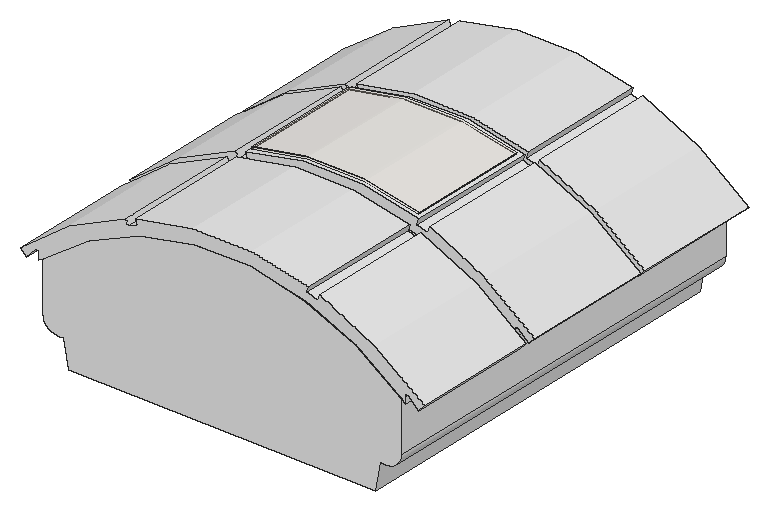
Revit family "ME", category Lighting Fixtures, host Face, Revit 2014
Parameters (values of type "ME")
  Watts = 50 W
  Wattage Comments = "50W"
  Wattage = 21 W
  built-in parameter 1150110 = 1 (stored number, unit not read)
  Voltage = 120 V
  URL = "https://www.hubbell.com/architecturalarealighting/en"
  built-in parameter 1114217 = 1 (stored number, unit not read)
  Tilt Angle = 0.00°
  built-in parameter 1150109 = 1 (stored number, unit not read)
  built-in parameter 1150134 = 3
  built-in parameter 1150113 = 1 (stored number, unit not read)
  Product Page URL = "https://www.hubbell.com/architecturalarealighting/en/Products/Lighting-Controls/Commercial-Outdoor-Lighting/Wall-Mount/Mini-eSconce/p/220813"
  Product Documentation Link = "https://hubbellcdn.com/specsheet/aal_me_spec.pdf"
  Power Factor = 1
  Photometric Web Link = "https://www.hubbell.com/architecturalarealighting/en/Products/Lighting-Controls/Commercial-Outdoor-Lighting/Wall-Mount/Mini-eSconce/p/220813#prod-photometry-section"
  Photometric Web File = "ME2.IES"
  Model = "Mini-eSconce"  # constant formula
  Manufacturer = "Architectural Area Lighting"  # constant formula
  built-in parameter 1150105 = 45.622 (stored number, unit not read)
  Lumens = 573.3 lm
  built-in parameter 1150115 = 1 (stored number, unit not read)
  Load Classification = Lighting
  built-in parameter 1150137 = (empty or 0)
  built-in parameter 1150139 = (empty or 0)
  built-in parameter 1150112 = 1 (stored number, unit not read)
  built-in parameter 1150114 = 1 (stored number, unit not read)
  Lamp = "LED"
  built-in parameter 1150132 = (empty or 0)
  built-in parameter 1150102 = (empty or 0)
  built-in parameter 1150107 = 3200 (stored number, unit not read)
  built-in parameter 1150138 = (empty or 0)
  built-in parameter 1150106 = 0.45622 (stored number, unit not read)
  IP Rating = "IP55"
  Height [instance] = 120.000"
  Glass = Hubbell-Glass
  Finish = Hubbell-White
  Emit from Rectangle Width = 4.000"
  Emit from Rectangle Length = 4.000"
  Emit Shape Visible in Rendering = no
  built-in parameter 1150104 = 2.5363 (stored number, unit not read)
  Dimming Lamp Color Temperature Shift = <None>
  Description = "AAL's mini eSconce, now available with LED, is designed for exterior/interior environments. Available in up, down, or up + down illumination and include stainless steel and copper fascia panels. ADA compliant."  # constant formula
  Default Elevation = 48.000"
  Create date = "06/28/2019"
  Copyright = "©Architectural Area Lighting a unit of Hubbell Lighting"  # constant formula
  Contact us = "https://www.hubbell.com/architecturalarealighting/en/contactUs"
  Color Filter = 16777215
  Certification = "The fixture is listed with ETL for outdoor, wet location use,\r\nUL1598 and Canadian CSA Std. C22.2 no.250"  # constant formula
  built-in parameter 1114218 = 1 (stored number, unit not read)
  built-in parameter 1150133 = 10 (stored number, unit not read)
  Assembly Code = "D5020280"
  Apparent Load = Watts / Power Factor  # 50 VA
Reference planes (in)
  plane 1 "Center (Front/Back)": y = 0
  plane 2: z = 0
  plane 3 "Center (Left/Right)": x = 0
  plane 4: x = 4.5
  plane 5: x = -4.5
  plane 6: y = 4.5
  plane 7: y = -4.5
  plane 8: z = 3.9
  plane 9: y = -1.6875
  plane 10: y = 1.625
Forms (in)
  Extrusion 1, solid, material "Hubbell-White" <- "Finish"
    sketch origin (0, 0, 0) x (1, 0, 0) y (0, 0, 1)
      loop
        line (-3.98791, 2.02445) -> (-3.98791, 0.91099)
        arc (-3.98791, 0.91099) -> (-3.94034, 0.74884) -> (-3.81271, 0.63809) r 0.30015
        arc (-3.81271, 0.63809) -> (-3.67572, 0.59852) -> (-3.53314, 0.6007) r 0.48275
        line (-3.53314, 0.6007) -> (-3.41432, 0) -> (3.41432, 0) -> (3.53314, 0.6007)
        arc (3.53314, 0.6007) -> (3.67572, 0.59852) -> (3.81271, 0.63809) r 0.48275
        arc (3.81271, 0.63809) -> (3.94034, 0.74884) -> (3.98791, 0.91099) r 0.30015
        line (3.98791, 0.91099) -> (3.98791, 2.02445)
        arc (3.98791, 2.02445) -> (0, 3.51593) -> (-3.98791, 2.02445) r 6.07714
    from -4.5 to 4.5
  Extrusion 2, solid, material "Hubbell-White" <- "Finish"
    sketch origin (0, 0, 0) x (1, 0, 0) y (0, 0, 1)
      loop
        line (-4.49594, 2.06213) -> (-4.36051, 1.9267) -> (-4.14352, 2.1437)
        arc (-4.14352, 2.1437) -> (-4.10586, 2.15119) -> (-4.08453, 2.11926) r 0.03455
        line (-4.08453, 2.11926) -> (-4.08453, 1.9605) -> (-3.98791, 2.02445)
        arc (-3.98791, 2.02445) -> (0, 3.51593) -> (3.98791, 2.02445) r 6.07714
        line (3.98791, 2.02445) -> (4.08453, 1.9605) -> (4.08453, 2.11926)
        arc (4.08453, 2.11926) -> (4.10586, 2.15119) -> (4.14352, 2.1437) r 0.03455
        line (4.14352, 2.1437) -> (4.36051, 1.9267) -> (4.49594, 2.06213)
        arc (4.49594, 2.06213) -> (0, 3.82161) -> (-4.49594, 2.06213) r 6.6239
    from 1.6875 to 4.5
  Extrusion 3, void
    sketch origin (0, 0, 0) x (1, 0, 0) y (0, 0, 1)
      loop
        line (-2.17598, 3.51096) -> (-2.11196, 3.32522) -> (-1.8756, 3.40669) -> (-1.93962, 3.59242) -> (-2.17598, 3.51096)
      loop
        line (2.17598, 3.51096) -> (1.93962, 3.59242) -> (1.8756, 3.40669) -> (2.11196, 3.32522) -> (2.17598, 3.51096)
    from -4.5 to 4.5
  Extrusion 4, solid, material "Hubbell-White" <- "Finish"
    sketch origin (0, 0, 0) x (1, 0, 0) y (0, 0, -1)
      loop
        arc (-4.49594, -2.06213) -> (0, -3.82161) -> (4.49594, -2.06213) r 6.6239
        line (4.49594, -2.06213) -> (4.36051, -1.9267) -> (4.14352, -2.1437)
        arc (4.14352, -2.1437) -> (4.10586, -2.15119) -> (4.08453, -2.11926) r 0.03455
        line (4.08453, -2.11926) -> (4.08453, -1.9605) -> (3.98791, -2.02445)
        arc (3.98791, -2.02445) -> (0, -3.51593) -> (-3.98791, -2.02445) r 6.07714
        line (-3.98791, -2.02445) -> (-4.08453, -1.9605) -> (-4.08453, -2.11926)
        arc (-4.08453, -2.11926) -> (-4.10586, -2.15119) -> (-4.14352, -2.1437) r 0.03455
        line (-4.14352, -2.1437) -> (-4.36051, -1.9267) -> (-4.49594, -2.06213)
    from 1.625 to 4.5
  Extrusion 5, solid, material "Hubbell-White" <- "Finish"
    sketch origin (0, -3, 0) x (1, 0, 0) y (0, 0, -1)
      loop
        arc (-4.49594, -2.06213) -> (0, -3.82161) -> (4.49594, -2.06213) r 6.6239
        line (4.49594, -2.06213) -> (4.36051, -1.9267) -> (4.14352, -2.1437)
        arc (4.14352, -2.1437) -> (4.10586, -2.15119) -> (4.08453, -2.11926) r 0.03455
        line (4.08453, -2.11926) -> (4.08453, -1.9605) -> (3.98791, -2.02445)
        arc (3.98791, -2.02445) -> (0, -3.51593) -> (-3.98791, -2.02445) r 6.07714
        line (-3.98791, -2.02445) -> (-4.08453, -1.9605) -> (-4.08453, -2.11926)
        arc (-4.08453, -2.11926) -> (-4.10586, -2.15119) -> (-4.14352, -2.1437) r 0.03455
        line (-4.14352, -2.1437) -> (-4.36051, -1.9267) -> (-4.49594, -2.06213)
    from 1.55616 to 4.5
  Extrusion 6, solid, material "Hubbell-Glass" <- "Glass"
    sketch origin (0, 0, 0) x (1, 0, 0) y (0, 0, 1)
      loop
        line (-1.8729, 3.60342) -> (-1.85887, 3.55543)
        arc (-1.85887, 3.55543) -> (0, 3.82161) -> (1.85887, 3.55543) r 6.6239
        line (1.85887, 3.55543) -> (1.8729, 3.60342)
        arc (1.8729, 3.60342) -> (0, 3.87161) -> (-1.8729, 3.60342) r 6.6739
    from -1.36671 to 1.35119
Cuts and joins
  Extrusion 3 cuts Extrusion 2
  Extrusion 3 cuts Extrusion 4
  Extrusion 3 cuts Extrusion 5
Dimensions and locks (in)
  locked: host sketch curve to host sketch curve at 48  (x2)
  equal spacing: host sketch curve, plane 3 "Center (Left/Right)", host sketch curve
  equal spacing: host sketch curve, plane 1 "Center (Front/Back)", host sketch curve
  plane 3 "Center (Left/Right)" to host sketch curve = 24.000"
  plane 1 "Center (Front/Back)" to host sketch curve = 24.000"
  plane 7 to plane 1 "Center (Front/Back)" to plane 6 = 4.500", 4.500"
  aligned and locked: plane 2 to host face
  aligned and locked: level to host face
  aligned and locked: Extrusion 1 to plane 6
  aligned and locked: plane 7 to Extrusion 1
  aligned and locked: plane 7 to Extrusion 2
  aligned and locked: plane 7 to Extrusion 3
Connectors (in)
  electrical at (0, 0, 0), driven by "Voltage", driven by "Apparent Load"
    settings: on Extrusion 1, index 1, voltage 120 V, apparent load 50 VA, apparent load phase1 0 VA, apparent load phase2 0 VA, apparent load phase3 0 VA, power factor 1, load classification "Other", number of poles 1, system type 30, power factor state 1, is connector primary yes, connector utility no, sub classification motor no, connector description "Light Fixture Connector"
